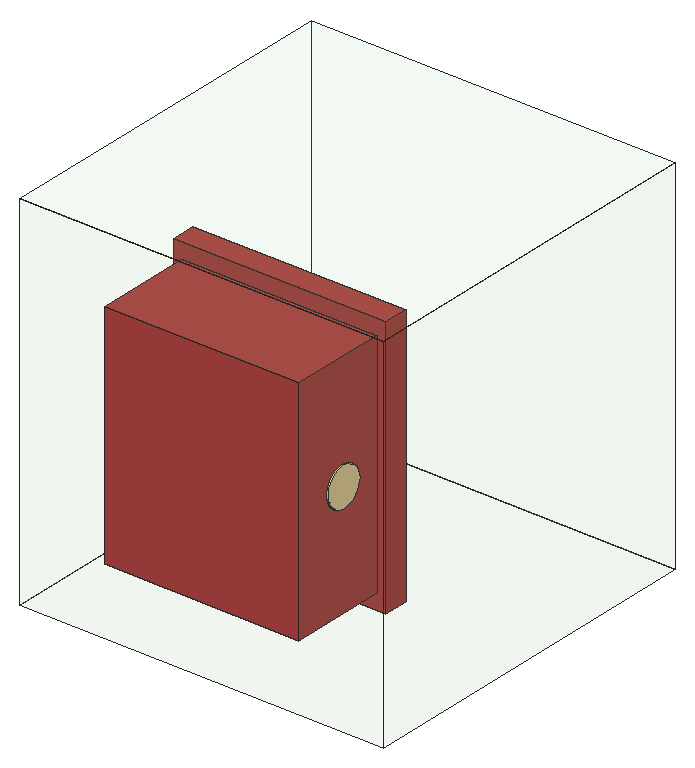
Revit family "ZETA_Коробка_Клемная_КС-10", category Электрические приборы, Revit 2021
Family settings
  Сохранять ориентацию аннотаций = Нет
  Размер круглого соединителя = Использовать диаметр
  Тип детали = Нормальный
  На основе рабочей плоскости = Да
  Всегда вертикально = Нет
  При загрузке вырезать с полостями = Нет
  Общий = Нет
  Точка принадлежности помещению = Да
Parameters (values of type "КС-10_IP65_Металл")
  УГО_Ширина = 10 mm
  УГО_Смещение_Х [instance] = 0 mm
  УГО_Смещение_Y [instance] = 0 mm
  УГО_Высота = 5 mm
  Температура эксплуатации = "от -40°С до +60°С"
  Сечение жил до = "4мм2"
  Сертификат = "RU C-RU.АД84.В.00192/20"
  Потолочное размещение [instance] = no
  Default Elevation = 1219.2 mm
  Описание = "Коробки клеммные КС с наборными зажимами применяются для соединения и\r\nразветвления вторичных и силовых цепей, выполняемых контрольными и силовыми\r\nкабелями с алюминиевыми или медными жилами сечением до 4 мм2."
  Номинальный ток = "до 25A"
  Напряжение постоянного тока = "440 В"
  Напряжение переменного тока = "660 В"
  Крышка_Ширина = 160 mm
  Крышка_Длина = 190 mm
  Климатическое исполнение = "УХЛ 1,5"
  Изготовитель = "АО «ЗЭТА»"  # constant formula
  Изготавливается по = "ТУ 27.33.13.120-047-99856433-2020"
  URL = "https://nzeta.ru/"
  D2 = 32 mm
  D1 = 25 mm
  В_УГО_Смещение_У [instance] = УГО_Смещение_Y + 2000 mm  # 2000 mm
  В_УГО_Смещение_X [instance] = УГО_Смещение_Х + 2000 mm  # 2000 mm
  ADSK_Ток = 0 A
  ADSK_Степень защиты_IP = "IP65"
  ADSK_Размер_Ширина = 175 mm
  ADSK_Размер_УголПоворота [instance] = if(Потолочное размещение, -90.00°, 180.00°)  # 180.00°
  ADSK_Размер_Длина = 215 mm
  ADSK_Размер_Высота = 100 mm
  ADSK_Примечание [instance] = ""
  ADSK_Полная мощность = 0 VA
  ADSK_Позиция [instance] = ""
  ADSK_Обозначение = "KK"
  ADSK_Номинальная мощность = 0 W
  ADSK_Номер стояка = ""
  ADSK_Номер линии = 0
  ADSK_Напряжение = 230 V
  ADSK_Наименование краткое = "КС-10"
  ADSK_Наименование = "Коробка соединительная КС-10 УХЛ 1,5 IP65 металлические заглушки ГОФРОМАТИК"
  ADSK_Материал наименование = "Сталь оцинкованная"
  ADSK_Масса_Текст = "1,2"
  ADSK_Масса = 1.2
  ADSK_Марка = "KK КС-10 УХЛ 1,5 IP65\r\n\r\n\r\n IP65"
  ADSK_Коэффициент мощности = 0
  ADSK_Количество фаз числовое = 1
  ADSK_Количество фаз = 1
  ADSK_Количество = 1
  ADSK_Код изделия = "zeta30327"
  ADSK_Классификация нагрузок = Прочее
  ADSK_Завод-изготовитель = "АО «ЗЭТА»"  # constant formula
  ADSK_Единица измерения = "шт"  # constant formula
  ADSK_Версия семейства = "v.1"  # constant formula
  ADSK_Версия Revit = "2021"
  ADSK_URL страницы изделия = "https://nzeta.ru/catalog/?q=zeta30327"
  ADSK_URL документации изделия = "https://nzeta.ru/upload/uf/d7b/oe5fq7pedhduhieubx13nmdfqhj7s2xg/passport.pdf"
Types (3, lengths in mm): name | Климатическое исполнение | ADSK_Степень защиты_IP | ADSK_Наименование | ADSK_Масса_Текст | ADSK_Масса | ADSK_Марка | ADSK_Коэффициент мощности | ADSK_Код изделия | ADSK_URL страницы изделия | ADSK_URL документации изделия
  КС-10_IP65 | "УХЛ1,5" | "IP65" | "Коробка соединительная КС-10 УХЛ1,5 IP65 латунный ввод ГОФРОМАТИК" | "1,55" | 1.55 | "KK КС-10 УХЛ1,5 IP65" | 1 | "zeta30335" | "https://nzeta.ru/catalog/?q=zeta30335" | "https://nzeta.ru/upload/uf/077/elgffl8um5zrcwu76treq3ypqj3qncgm/passport.pdf"
  КС-10_IP54 | "У2\r\n\r\n\r\nУ2" | "IP54" | "Коробка соединительная КС-10 У2 IP54 пластиковый ввод ГОФРОМАТИК" | "1,5" | 1.5 | "KK КС-10 У2\r\n\r\n\r\n IP65" | 0 | "zeta30328" | "https://nzeta.ru/catalog/?q=zeta30328" | "https://nzeta.ru/upload/uf/cd3/ucvn5ijg5ejxga6zaml3v74937uulgkq/passport.pdf"
  КС-10_IP65_Металл | "УХЛ 1,5" | "IP65" | "Коробка соединительная КС-10 УХЛ 1,5 IP65 металлические заглушки ГОФРОМАТИК" | "1,2" | 1.2 | "KK КС-10 УХЛ 1,5 IP65\r\n\r\n\r\n IP65" | 0 | "zeta30327" | "https://nzeta.ru/catalog/?q=zeta30327" | "https://nzeta.ru/upload/uf/d7b/oe5fq7pedhduhieubx13nmdfqhj7s2xg/passport.pdf"
Reference planes
  plane 1 "По центру (Вперед/Назад)": y = 0
  plane 2: z = 0
  plane 3 "По центру (Влево/Вправо)": x = 0
  plane 4: x = -2000
  plane 5: y = -2000
  plane 6: x = 0
  plane 7: y = 0
Lines and regions (mm)
  reference lines
    curve 1: line (0, 0, 0) -> (0, 0, -180)
    curve 2: line (0, 0, 0) -> (0, 140, 0)
Dimensions and locks
  "В_УГО_Смещение_X": plane 4 to plane 6
  "В_УГО_Смещение_У": plane 7 to plane 5
  angle curve 2 to curve 1 = 90.00°
  "ADSK_Размер_УголПоворота": angle plane 1 "По центру (Вперед/Назад)" to curve 1
  aligned and locked: level to plane 2
  aligned and locked: plane 6 to nested 1
  aligned and locked: nested 1 to plane 7
  aligned and locked: plane 2 to curve 2
  aligned and locked: plane 1 "По центру (Вперед/Назад)" to curve 1
  aligned and locked: nested 2 to curve 2
Nested families
  nested 1: "УГО_Клеменная_Коробка_(GenAnn)" at (0, 0, 0), УГО_Высота <- "УГО_Высота", УГО_Длина <- "УГО_Ширина", ADSK_Обозначение <- "ADSK_Обозначение", ADSK_Степень защиты_IP <- "ADSK_Степень защиты_IP", type "УГО_Клеменная_Коробка_(GenAnn)", detail levels coarse+medium
    with УГО_Длина 10 mm, УГО_Высота 5 mm, ADSK_Степень защиты_IP "IP65", ADSK_Обозначение "KK"
  nested 2: "ZETA_Коробка_Клемная_КС-10_IP65_Геометрия" at (0, 0, 0) x (0, 0, -1) z (0, 1, 0), type "КС-10", detail levels medium+fine
  nested 3: "Zeta_Зона обслуживания" at (0, 0, 0) x (-1, 0, 0) z (0, 0, -1), type "Зона обслуживания_Куб", detail levels medium+fine
    with Зона обслуживания_Ширина 300 mm, Зона обслуживания_Длина 300 mm, Зона обслуживания_Высота 300 mm
Connectors
  cabletrayconduit at (-81.999, 43.588, 50), diameter 25, driven by "D1"
    settings: on nested 2, index 2, connector width 300 mm, connector height 300 mm, connector angle 0.00°, system type 32, placement type 0, profile type 0, connector reference index -1, is primary connector yes, connector utility param no, connector description ""
  cabletrayconduit at (-81.999, 43.588, 0), diameter 32, driven by "D2"
    settings: on nested 2, index 3, connector width 300 mm, connector height 300 mm, connector angle 0.00°, system type 32, placement type 0, profile type 0, connector reference index -1, is primary connector no, connector utility param no, connector description ""
  cabletrayconduit at (-81.999, 43.588, -50), diameter 25, driven by "D1"
    settings: on nested 2, index 4, connector width 300 mm, connector height 300 mm, connector angle 0.00°, system type 32, placement type 0, profile type 0, connector reference index -1, is primary connector no, connector utility param no, connector description ""
  electrical at (0, 0, 0), driven by "ADSK_Количество фаз", driven by "ADSK_Классификация нагрузок", driven by "ADSK_Напряжение", driven by "ADSK_Полная мощность", driven by "ADSK_Коэффициент мощности"
    settings: on nested 2, index 5, voltage 230 V, apparent load 0 VA, apparent load phase1 0 VA, apparent load phase2 0 VA, apparent load phase3 0 VA, power factor 0, load classification "Прочее", number of poles 1, system type 30, power factor state 1, is connector primary yes, connector utility no, sub classification motor no, connector description ""
  cabletrayconduit at (81.928, 43.588, 0), diameter 32, driven by "D2"
    settings: on nested 2, index 6, connector width 300 mm, connector height 300 mm, connector angle 0.00°, system type 32, placement type 0, profile type 0, connector reference index -1, is primary connector no, connector utility param no, connector description ""
Definition of nested family "ZETA_Коробка_Клемная_КС-10_IP65_Геометрия"
  Parameters (values of type "65-10")
    Привязки_Штуцер = 100 mm
    Default Elevation = 1219.2 mm
    Основание_Ширина = ADSK_Размер_Ширина * 0.9142  # 159.985 mm
    Основание_Длина = ADSK_Размер_Длина * 0.8835  # 191.72 mm
    Manufacturer = "АО \"ЗЭТАРУС\""
    D2 = 32 mm
    D1 = 25 mm
    ADSK_Размер_Ширина = 175 mm
    ADSK_Размер_Длина = 217 mm
    ADSK_Размер_Высота = 100 mm
    65-20 = no
    65-10 = yes
  Reference planes
    plane 1 "По центру (Вперед/Назад)": y = 0
    plane 2: z = 0
    plane 3 "По центру (Влево/Вправо)": x = 0
    plane 4: x = -95.86
    plane 5: x = 95.86
    plane 6: y = -79.992
    plane 7: y = 79.993
    plane 8: x = -108.5
    plane 9: y = -87.5
    plane 10: x = 108.5
    plane 11: y = 87.5
    plane 12: z = 100
    plane 13: z = 79.822
    plane 14: y = -57.269
    plane 15: y = 57.269
    plane 16: z = 43.588
    plane 17: y = -81.999
    plane 18: y = 81.928
    plane 19: x = -50
    plane 20: x = 50
    plane 21: x = -19.172
    plane 22: x = -57.516
    plane 23: x = 19.172
    plane 24: x = 57.516
  Forms (mm)
    Extrusion 1, solid
      sketch origin (0, 0, 0) x (1, 0, 0) y (0, 1, 0)
        loop
          line (-95.86, 79.993) -> (-95.86, -79.992) -> (95.86, -79.992) -> (95.86, 79.993) -> (-95.86, 79.993)
      from 0 to 79.822
    Extrusion 2, solid
      sketch origin (0, 0, 0) x (1, 0, 0) y (0, 1, 0)
        loop
          line (-108.5, 87.5) -> (-108.5, -87.5) -> (108.5, -87.5) -> (108.5, 87.5) -> (-108.5, 87.5)
      from 100 to 79.822
    Extrusion 3, solid
      sketch origin (0, 0, 0) x (1, 0, 0) y (0, 0, 1)
        loop
          circle (-50, 43.588) r 12.5
      from 79.992 to 81.999
    Extrusion 4, solid
      sketch origin (43.5, 0, 0) x (1, 0, 0) y (0, 0, 1)
        loop
          circle (-43.5, 43.588) r 16
      from 81.999 to 79.992
    Extrusion 5, solid
      sketch origin (117, 0, 0) x (1, 0, 0) y (0, 0, 1)
        loop
          circle (-67, 43.588) r 12.5
      from 81.999 to 79.992
    Extrusion 6, solid, visible <- "65-20"
      sketch origin (85.899, 167.006, 14.478) x (1, 0, 0) y (0, 0, 1)
        loop
          circle (-105.071, 29.11) r 16
      from 85.079 to 87.014
    Extrusion 7, solid, visible <- "65-20"
      sketch origin (26.528, 167.006, 14.478) x (1, 0, 0) y (0, 0, 1)
        loop
          circle (-84.044, 29.11) r 16
      from 85.079 to 87.014
    Extrusion 8, solid, visible <- "65-20"
      sketch origin (145.27, 167.006, 14.478) x (1, 0, 0) y (0, 0, 1)
        loop
          circle (-126.098, 29.11) r 16
      from 85.079 to 87.014
    Extrusion 9, solid, visible <- "65-20"
      sketch origin (204.642, 167.006, 14.478) x (1, 0, 0) y (0, 0, 1)
        loop
          circle (-147.126, 29.11) r 16
      from 85.079 to 87.014
    Extrusion 10, solid, visible <- "65-10"
      sketch origin (115.585, 167.006, 14.478) x (1, 0, 0) y (0, 0, 1)
        loop
          circle (-115.585, 29.11) r 16
      from 85.079 to 87.014
  Dimensions and locks
    equal spacing: plane 4, plane 3 "По центру (Влево/Вправо)", plane 5
    equal spacing: plane 7, plane 1 "По центру (Вперед/Назад)", plane 6
    "Основание_Ширина": plane 7 to plane 6
    "Основание_Длина": plane 4 to plane 5
    equal spacing: plane 11, plane 1 "По центру (Вперед/Назад)", plane 9
    equal spacing: plane 8, plane 3 "По центру (Влево/Вправо)", plane 10
    "ADSK_Размер_Ширина": plane 11 to plane 9
    "ADSK_Размер_Длина": plane 8 to plane 10
    "ADSK_Размер_Высота": plane 12 to level
    locked: plane 6 to plane 17 at 2.006
    locked: plane 18 to plane 7 at 1.935
    equal spacing: plane 19, plane 3 "По центру (Влево/Вправо)", plane 20
    equal spacing: plane 4, plane 22, plane 21, plane 23, plane 24, plane 5
    "Привязки_Штуцер": plane 19 to plane 20
    "D1": diameter of Extrusion 3 sketch curve
    "D2": diameter of Extrusion 4 sketch curve
    "D1": diameter of Extrusion 5 sketch curve
    "D2": diameter of Extrusion 6 sketch curve
    "D2": diameter of Extrusion 7 sketch curve
    "D2": diameter of Extrusion 8 sketch curve
    "D2": diameter of Extrusion 9 sketch curve
    "D2": diameter of Extrusion 10 sketch curve
    aligned and locked: level to plane 2
    aligned and locked: Extrusion 1 sketch curve to plane 7
    aligned and locked: plane 4 to Extrusion 1 sketch curve
    aligned and locked: plane 6 to Extrusion 1 sketch curve
    aligned and locked: Extrusion 1 sketch curve to plane 5
    aligned and locked: Extrusion 2 sketch curve to plane 11
    aligned and locked: plane 8 to Extrusion 2 sketch curve
    aligned and locked: plane 9 to Extrusion 2 sketch curve
    aligned and locked: Extrusion 2 sketch curve to plane 10
    aligned and locked: Extrusion 2 to plane 13
    aligned and locked: Extrusion 1 to Extrusion 2
    aligned and locked: plane 16 to Extrusion 3 sketch curve
    aligned and locked: plane 6 to Extrusion 3
    aligned and locked: Extrusion 3 to plane 17
    aligned and locked: plane 18 to Extrusion 6
    aligned and locked: Extrusion 6 to plane 7
    aligned and locked: Extrusion 4 to Extrusion 1
    aligned and locked: Extrusion 4 to plane 17
    aligned and locked: Extrusion 5 to Extrusion 1
    aligned and locked: Extrusion 5 to plane 17
    aligned and locked: plane 19 to Extrusion 3 sketch curve
    aligned and locked: plane 20 to Extrusion 5 sketch curve
    aligned and locked: plane 16 to Extrusion 5 sketch curve
    aligned and locked: plane 16 to Extrusion 6 sketch curve
    aligned and locked: plane 21 to Extrusion 6 sketch curve
  Automatic sketch dimensions
    Extrusion 4 sketch curve to plane 3 "По центру (Влево/Вправо)" = 0 mm
    Extrusion 4 sketch curve to plane 16 = 0 mm
    Extrusion 7 sketch curve to plane 16 = 0 mm
    Extrusion 7 sketch curve to plane 22 = 0 mm
    Extrusion 8 sketch curve to plane 16 = 0 mm
    Extrusion 8 sketch curve to plane 23 = 0 mm
    Extrusion 9 sketch curve to plane 16 = 0 mm
    Extrusion 9 sketch curve to plane 24 = 0 mm
    Extrusion 10 sketch curve to plane 3 "По центру (Влево/Вправо)" = 0 mm
    Extrusion 10 sketch curve to plane 16 = 0 mm
Definition of nested family "Zeta_Зона обслуживания"
  Parameters (values of type "Зона обслуживания_Куб")
    Default Elevation = 1219.2 mm
    Зона обслуживания_Ширина [instance] = 300 mm
    Зона обслуживания_Длина [instance] = 300 mm
    Зона обслуживания_Высота [instance] = 300 mm
  Reference planes
    plane 1 "По центру (Вперед/Назад)": y = 0
    plane 2: z = 0
    plane 3 "По центру (Влево/Вправо)": x = 0
    plane 4: x = -150
    plane 5: x = 150
    plane 6: y = 300
    plane 7: z = 150
    plane 8: z = -150
  Forms (mm)
    Extrusion 1, solid
      sketch origin (0, 0, 0) x (1, 0, 0) y (0, 1, 0)
        loop
          line (-150, 300) -> (-150, 0) -> (150, 0) -> (150, 300) -> (-150, 300)
      from -150 to 150
  Dimensions and locks
    equal spacing: plane 4, plane 3 "По центру (Влево/Вправо)", plane 5
    "Зона обслуживания_Ширина": plane 6 to plane 1 "По центру (Вперед/Назад)"
    "Зона обслуживания_Длина": plane 4 to plane 5
    equal spacing: plane 7, level, plane 8
    "Зона обслуживания_Высота": plane 7 to plane 8
    aligned and locked: level to plane 2
    aligned and locked: Extrusion 1 sketch curve to plane 6
    aligned and locked: plane 4 to Extrusion 1 sketch curve
    aligned and locked: Extrusion 1 sketch curve to plane 5
    aligned and locked: Extrusion 1 to plane 8
    aligned and locked: plane 7 to Extrusion 1
    aligned and locked: plane 1 "По центру (Вперед/Назад)" to Extrusion 1
  Automatic sketch dimensions
    plane 1 "По центру (Вперед/Назад)" to Extrusion 1 sketch curve = 0 mm
Definition of nested family "УГО_Клеменная_Коробка_(GenAnn)"
  Parameters (values of type "УГО_Клеменная_Коробка_(GenAnn)")
    УГО_Длина [instance] = 10 mm
    УГО_Высота [instance] = 5 mm
    ADSK_Степень защиты_IP [instance] = ""
    ADSK_Обозначение [instance] = ""
  Reference planes
    plane 1: y = 0
    plane 2: x = 0
  Lines and regions (mm)
    Filled region 1, type "Filled region 1"
      outline origin (0, 0, 0) x (1, 0, 0) y (0, 1, 0)
        loop
          line (-5, 2.5) -> (-5, -2.5) -> (5, -2.5) -> (5, 2.5) -> (-5, 2.5)
    reference lines
      curve 1: line (-5, 2.5, 0) -> (-5, -2.5, 0)
      curve 2: line (-5, -2.5, 0) -> (5, -2.5, 0)
      curve 3: line (5, 2.5, 0) -> (5, -2.5, 0)
      curve 4: line (-5, 2.5, 0) -> (5, 2.5, 0)
  Text (mm)
    label "KK IP 54" at (0.033, -0.03, 0), shows "ADSK_Обозначение", "ADSK_Степень защиты_IP"
  Dimensions and locks
    equal spacing: curve 1, plane 2, curve 3
    equal spacing: curve 2, plane 1, curve 4
    "УГО_Длина": curve 1 to curve 3
    "УГО_Высота": curve 2 to curve 4
    aligned and locked: Filled region 1 sketch curve to curve 4
    aligned and locked: Filled region 1 sketch curve to curve 1
    aligned and locked: Filled region 1 sketch curve to curve 2
    aligned and locked: Filled region 1 sketch curve to curve 3
